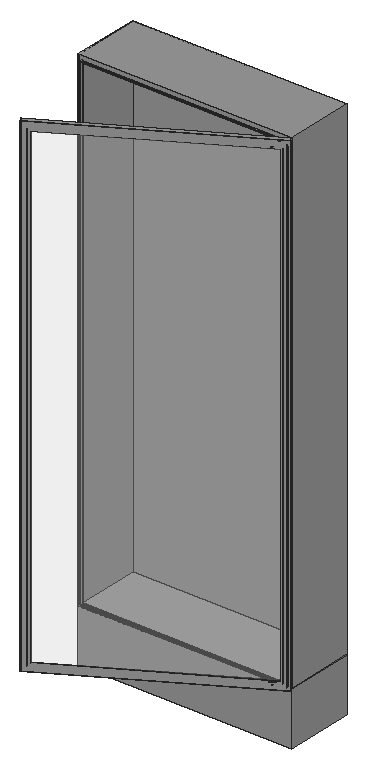
Revit family "Hager-Univers-IP55-D275-H2050-Cl.I-Steel_encl-NoHosted-CH-it", category Electrical Equipment, Revit 2020
Family settings
  Panel Configuration = Two Columns, Circuits Across
  Round Connector Dimension = Use Diameter
  Part Type = Panelboard
  Work Plane-Based = Yes
  Always vertical = Yes
  Cut with Voids When Loaded = No
  Shared = No
  Room Calculation Point = No
Parameters (values of type "montaggio a pavimento IP55 L800 A2050 P275  - FR23K2")
  Width Control [instance] = if([EF000008 - Larghezza] > Min Width, [EF000008 - Larghezza], Min Width)  # 800 mm
  Type Comments = [HG000003 - Gamma]  # "Univers"
  Thickness Door [instance] = if([EF009171 - spessore materiale porta/coperchio] > 3 mm, 3 mm, [EF009171 - spessore materiale porta/coperchio])  # 1.5 mm
  Seal Frame Offset [instance] = 17 mm  # constant formula
  Plinth Visibility [instance] = [HG000027 - Altezza dello zoccolo] > 0 mm  # yes
  Min Width [instance] = 100 mm  # constant formula
  Min Depth [instance] = (2 * [EF009170 - spessore materiale scatola]) + 1 mm  # 4 mm
  Min Height [instance] = 100 mm  # constant formula
  Internal Frame Depth [instance] = (Door System Depth * 0.5)  # 9 mm
  Panel Name [instance] = ""  # (empty or 0)
  Model = ""
  HG000027 - Altezza dello zoccolo = 200 mm
  HG000026 - A pavimento = yes
  HG000024 - Altezza della sezione inferiore = 600 mm
  HG000023 - Custodia a doppia sezione = no
  HG000016 - Visibilità delle porte nella vista 3D [instance] = yes
  HG000015 - Visibilità attraverso la porta [instance] = no
  HG000014 - Porta destra [instance] = yes
  HG000013 - Porta sinistra [instance] = not([HG000014 - Porta destra])  # no
  HG000012 - Angolo di apertura della porta [instance] = 30.00°
  HG000010 - Porte asimmetriche = no
  HG000009 - Porta doppia a battente = no
  HG000006 - Ad incasso = no
  HG000004 - Codice produttore = "FR23K2"
  HG000003 - Gamma = "Univers"
  HG000002 - Con porta = yes
  Frame Offset Bottom [instance] = 10 mm  # constant formula
  Frame Offset [instance] = 15 mm  # constant formula
  EF015940 - Coprire con rilascio di sovrapressione = no
  EF011959 - tipo di protezione (NEMA) = ""
  EF009554 - numero delle aperture per la piastra della flangia = 6
  EF009212 - esecuzione coperchio = "EV000116 - chiuso"
  EF009171 - spessore materiale porta/coperchio = 1.5 mm
  EF009170 - spessore materiale scatola = 1.5 mm
  EF008873 - corrente nominale (In) = 800 A
  EF007800 - adatto per parafulmine = no
  EF006306 - con serratura = no
  EF006244 - coperchio/porta trasparente = yes
  EF005474 - grado di protezione (IP) = "EV006420 - IP55"
  EF004464 - tipo di porta = "EV002646 - singolo"
  EF004427 - numero di moduli = 432
  EF004293 - resistenza agli urti = "EV008784 - IK10"
  EF003532 - adatto per uso esterno = no
  EF002950 - Numero moduli DIN = 24
  EF001613 - Integrità del circuito = "EV000494 - senza"
  EF001596 - Attacco Lampada = "EV000179 - acciaio"
  EF001131 - profondità interna = 275 mm
  EF001088 - possibilità di applicazione = yes
  EF000437 - numero di ingressi per conduttori = 6
  EF000339 - tipo di copertura = "EV004216 - porta"
  EF000266 - numero di file = 12
  EF000218 - profondità di incasso = 0 mm
  EF000118 - con piastra di montaggio = no
  EF000116 - numero RAL = "7035"
  EF000049 - profondità = 275 mm
  EF000040 - Altezza = 2050 mm
  EF000008 - Larghezza = 800 mm
  EF000007 - colore = "EV000270 - grigio"
  EF000003 - Tipo di montaggio = "EV012274 - montaggio a pavimento"
  Door System Leaf Tolerance [instance] = 1.5 mm  # constant formula
  Door System Depth [instance] = 18 mm  # constant formula
  Door Height [instance] = Height Control - [HG000027 - Altezza dello zoccolo]  # 1850 mm
  Description = ""
  Default Elevation = 1219.2 mm
  Connector Offset [instance] = Height Control / 2  # 1025 mm
  Manufacturer = "Hager"  # constant formula
  Height Control [instance] = if([EF000040 - Altezza] > Min Height, [EF000040 - Altezza], Min Height)  # 2050 mm
  Depth Control [instance] = if([EF000049 - profondità] > Min Depth, [EF000049 - profondità], Min Depth)  # 275 mm
  Bottom Top Plate Trim [instance] = 1.5 mm  # constant formula
  Plinth height Ctrl [instance] = if([HG000027 - Altezza dello zoccolo] > 0 mm, [HG000027 - Altezza dello zoccolo], 12 mm)  # 200 mm
Types (11, lengths in mm): name | Width Control | HG000010 - Porte asimmetriche | HG000009 - Porta doppia a battente | HG000004 - Codice produttore | EF009554 - numero delle aperture per la piastra della flangia | EF006244 - coperchio/porta trasparente | EF004464 - tipo di porta | EF004427 - numero di moduli | EF000437 - numero di ingressi per conduttori | EF000008 - Larghezza
  montaggio a pavimento IP55 L1050 A2050 P275  - FR24E2 | 1050 | yes | yes | "FR24E2" | 8 | no | "EV003602 - doppio" | 576 | 8 | 1050
  montaggio a pavimento IP55 L1050 A2050 P275  - FR24K2 | 1050 | yes | yes | "FR24K2" | 8 | yes | "EV003602 - doppio" | 576 | 8 | 1050
  montaggio a pavimento IP55 L1300 A2050 P275  - FR25E2 | 1300 | yes | yes | "FR25E2" | 10 | no | "EV003602 - doppio" | 720 | 10 | 1300
  montaggio a pavimento IP55 L1300 A2050 P275  - FR25K2 | 1300 | yes | yes | "FR25K2" | 10 | yes | "EV003602 - doppio" | 720 | 10 | 1300
  montaggio a pavimento IP55 L1550 A2050 P275  - FR26E2 | 1550 | yes | yes | "FR26E2" | 12 | no | "EV003602 - doppio" | 864 | 12 | 1550
  montaggio a pavimento IP55 L1550 A2050 P275  - FR26K2 | 1550 | yes | yes | "FR26K2" | 12 | yes | "EV003602 - doppio" | 864 | 12 | 1550
  montaggio a pavimento IP55 L300 A2050 P275  - FR21E2 | 300 | no | no | "FR21E2" | 2 | no | "EV002646 - singolo" | 144 | 2 | 300
  montaggio a pavimento IP55 L550 A2050 P275  - FR22E2 | 550 | no | no | "FR22E2" | 4 | no | "EV002646 - singolo" | 288 | 4 | 550
  montaggio a pavimento IP55 L550 A2050 P275  - FR22K2 | 550 | no | no | "FR22K2" | 4 | yes | "EV002646 - singolo" | 288 | 4 | 550
  montaggio a pavimento IP55 L800 A2050 P275  - FR23E2 | 800 | no | no | "FR23E2" | 6 | no | "EV002646 - singolo" | 432 | 6 | 800
  montaggio a pavimento IP55 L800 A2050 P275  - FR23K2 | 800 | no | no | "FR23K2" | 6 | yes | "EV002646 - singolo" | 432 | 6 | 800
Reference planes
  plane 1 "Center (Front/Back)": y = 0
  plane 2: z = 0
  plane 3 "Center (Left/Right)": x = 0
  plane 4: y = 0
  plane 5: y = 0
  plane 6: z = 0
  plane 7: x = -400
  plane 8: x = 400
  plane 9: x = 398.5
  plane 10: x = -398.5
  plane 11: z = 200
  plane 12: z = 201.5
  plane 13: y = -275
  plane 14: y = -1.5
  plane 15: x = 0
  plane 16: y = -257
  plane 17: y = -273.5
  plane 18: y = -255.5
  plane 19: x = -383.5
  plane 20: x = 383.5
  plane 21: z = 211.5
  plane 22: x = -383
  plane 23: x = 383
  plane 24: z = 200
  plane 25: z = 2050
  plane 26: z = 2050
  plane 27: z = 2033.5
  plane 28: z = 2048.5
Forms (mm)
  Extrusion 1, solid, material "Hager_Steel_RAL7035_Light_Grey", detail levels medium+fine
    sketch origin (-208.679, -4572, 200) x (-1, 0, 0) y (0, -1, 0)
      loop
        line (191.321, -4315) -> (-608.679, -4315) -> (-608.679, -4572) -> (191.321, -4572) -> (191.321, -4315)
    from 0 to 1850
  Extrusion 2, void
    sketch origin (-350.771, -275, 1219.2) x (1, 0, 0) y (0, 0, 1)
      loop
        line (-47.729, 829.3) -> (-47.729, -1017.7) -> (749.271, -1017.7) -> (749.271, 829.3) -> (-47.729, 829.3)
    from -19.5 to -273.5
  Extrusion 3, void
    sketch origin (-290.084, -257, 1219.2) x (1, 0, 0) y (0, 0, 1)
      loop
        line (-93.416, -1007.7) -> (673.584, -1007.7) -> (673.584, 814.3) -> (-93.416, 814.3) -> (-93.416, -1007.7)
    from 0 to -1.5
  Extrusion 4, solid, material "Hager_Steel_RAL7035_Light_Grey", visible <- "Plinth Visibility", detail levels medium+fine
    sketch origin (0, 0, 0) x (1, 0, 0) y (0, 1, 0)
      loop
        line (-400, 0) -> (-400, -257) -> (400, -257) -> (400, 0) -> (-400, 0)
    from 0 to 200 <- "Plinth height Ctrl"
  Extrusion 5, solid, material "Hager_Steel_RAL7035_Light_Grey", detail levels coarse
    sketch origin (0, 0, 0) x (1, 0, 0) y (0, 1, 0)
      loop
        line (-400, 0) -> (-400, -275) -> (400, -275) -> (400, 0) -> (-400, 0)
    from 0 to 2050 <- "Height Control"
  Sweep 6, void
    path in 3D
      loop
        line (-400, -257, 200) -> (400, -257, 200) -> (400, 0, 200) -> (-400, 0, 200) -> (-400, -257, 200)
    profile origin (-400, -128.5, 200) x (1, 0, 0) y (0, 0, 1)
      loop
        line (0, 0) -> (0, -1.5) -> (1.5, -1.5)
        arc (1.5, -1.5) -> (1.061, -0.439) -> (0, 0) r 1.5
  Extrusion 7, solid, material "Hager_Steel_RAL7035_Light_Grey", detail levels fine
    sketch origin (-400, -257, 200) x (1, 0, 0) y (0, 0, 1)
      loop
        line (16.5, 11.5) -> (783.5, 11.5) -> (783.5, 1833.5) -> (16.5, 1833.5) -> (16.5, 11.5)
      loop
        line (15, 10) -> (785, 10) -> (785, 1835) -> (15, 1835) -> (15, 10)
    from 0 to 9 <- "Internal Frame Depth"
Cuts and joins
  Extrusion 2, Extrusion 3 cuts Extrusion 1
  Sweep 6 cuts Extrusion 4
Lines and regions (mm)
  Masking region 1
    outline origin (0, 0, 0) x (1, 0, 0) y (0, 1, 0)
      loop
        line (-400, 0) -> (-400, -275) -> (400, -275) -> (400, 0) -> (-400, 0)
  Masking region 2, detail levels coarse
    outline origin (-290.084, -257, 1219.2) x (-1, 0, 0) y (0, 0, 1)
      loop
        line (-690.084, -1219.2) -> (109.916, -1219.2) -> (109.916, 830.8) -> (-690.084, 830.8) -> (-690.084, -1219.2)
  Masking region 3, detail levels coarse
    outline origin (0, 0, 0) x (0, 1, 0) y (0, 0, 1)
      loop
        line (0, 0) -> (0, 2050) -> (-275, 2050) -> (-275, 0) -> (0, 0)
  Masking region 4, visible <- "Plinth Visibility", detail levels medium+fine
    outline origin (0, 0, 0) x (0, 1, 0) y (0, 0, 1)
      loop
        line (-1.5, 200) -> (-255.5, 200)
        arc (-255.5, 200) -> (-255.939, 198.939) -> (-257, 198.5) r 1.5
        line (-257, 198.5) -> (-257, 0) -> (0, 0) -> (0, 198.5)
        arc (0, 198.5) -> (-1.061, 198.939) -> (-1.5, 200) r 1.5
  Masking region 5, detail levels medium+fine
    outline origin (0, 0, 594.038) x (0, 1, 0) y (0, 0, 1)
      loop
        line (0, -394.038) -> (0, 1455.962) -> (-257, 1455.962) -> (-257, -394.038) -> (0, -394.038)
  Masking region 6, detail levels medium+fine
    outline origin (-359.7, -257, 1211.883) x (-1, 0, 0) y (0, 0, 1)
      loop
        line (-759.7, -1011.883) -> (40.3, -1011.883) -> (40.3, 838.117) -> (-759.7, 838.117) -> (-759.7, -1011.883)
  Masking region 7, visible <- "Plinth Visibility", detail levels medium+fine
    outline origin (-320.334, -257, 1041.368) x (-1, 0, 0) y (0, 0, 1)
      loop
        line (-720.334, -1041.368) -> (79.666, -1041.368) -> (79.666, -842.868)
        arc (79.666, -842.868) -> (78.606, -842.429) -> (78.166, -841.368) r 1.5
        line (78.166, -841.368) -> (-718.834, -841.368)
        arc (-718.834, -841.368) -> (-719.273, -842.429) -> (-720.334, -842.868) r 1.5
        line (-720.334, -842.868) -> (-720.334, -1041.368)
  sketch lines
    curve 1: line (-400, 0, 200) -> (-400, -257, 200)
    curve 2: line (-400, -257, 200) -> (400, -257, 200)
    curve 3: line (400, 0, 200) -> (-400, 0, 200)
    curve 4: line (400, -257, 200) -> (400, 0, 200)
Dimensions and locks
  locked: plane 1 "Center (Front/Back)" to plane 5
  "EF009170 - spessore materiale scatola": plane 7 to plane 10
  "EF009170 - spessore materiale scatola": plane 8 to plane 9
  equal spacing: plane 7, plane 3 "Center (Left/Right)", plane 8
  "Width Control": plane 7 to plane 8
  "Depth Control": plane 4 to plane 13
  "EF009170 - spessore materiale scatola": plane 4 to plane 14
  "Height Control": plane 25 to level
  "HG000027 - Altezza dello zoccolo": plane 11 to level
  "EF009170 - spessore materiale scatola": plane 12 to plane 11
  "EF009170 - spessore materiale scatola": plane 17 to plane 13
  "EF009170 - spessore materiale scatola": plane 18 to plane 16
  "Frame Offset Bottom": plane 21 to plane 12
  "Frame Offset": plane 10 to plane 19
  "Frame Offset": plane 9 to plane 20
  "Door System Depth": plane 16 to plane 13
  "Seal Frame Offset": plane 7 to plane 22
  "Seal Frame Offset": plane 8 to plane 23
  "EF009170 - spessore materiale scatola": plane 26 to plane 28
  "Frame Offset": plane 28 to plane 27
  "Connector Offset": plane 2 to connector elem
  "Bottom Top Plate Trim": profile plane to Sweep 6 sketch curve
  "Bottom Top Plate Trim": Sweep 6 sketch curve to Sweep 6 sketch curve
  "Plinth height Ctrl": Masking region 4 sketch curve to level
  "Plinth height Ctrl": Masking region 7 sketch curve to level
  "Thickness Door": Extrusion 7 sketch curve to Extrusion 7 sketch curve  (x4)
  "Bottom Top Plate Trim": radius of Sweep 6 sketch curve
  "Bottom Top Plate Trim": radius of Masking region 4 sketch curve  (x2)
  "Bottom Top Plate Trim": radius of Masking region 7 sketch curve  (x2)
  aligned and locked: Extrusion 2 sketch curve to plane 12
  aligned and locked: Extrusion 2 sketch curve to plane 9
  aligned and locked: Extrusion 2 sketch curve to plane 10
  aligned and locked: Extrusion 2 to plane 14
  aligned and locked: Extrusion 1 sketch curve to plane 4
  aligned and locked: plane 8 to Extrusion 1 sketch curve
  aligned and locked: plane 7 to Extrusion 1 sketch curve
  aligned and locked: Extrusion 2 to plane 18
  aligned and locked: Extrusion 3 sketch curve to plane 19
  aligned and locked: plane 20 to Extrusion 3 sketch curve
  aligned and locked: Extrusion 3 to Extrusion 2
  aligned and locked: Extrusion 3 sketch curve to plane 21
  aligned and locked: plane 3 "Center (Left/Right)" to nested 1
  aligned and locked: Extrusion 1 sketch curve to plane 16
  aligned and locked: Extrusion 4 sketch curve to cut or joined group of Extrusion 1, Extrusion 2, Extrusion 3
  aligned and locked: Masking region 1 sketch curve to plane 7
  aligned and locked: Masking region 1 sketch curve to plane 5
  aligned and locked: Masking region 1 sketch curve to plane 8
  aligned and locked: Masking region 2 sketch curve to level
  aligned and locked: level to Masking region 3 sketch curve
  aligned and locked: plane 1 "Center (Front/Back)" to Masking region 3 sketch curve
  aligned and locked: plane 13 to Masking region 3 sketch curve
  aligned and locked: plane 5 to Masking region 4 sketch curve
  aligned and locked: Masking region 2 sketch curve to plane 8
  aligned and locked: Masking region 2 sketch curve to plane 7
  aligned and locked: plane 7 to nested 2
  aligned and locked: nested 2 to plane 5
  aligned and locked: plane 5 to Masking region 5 sketch curve
  aligned and locked: plane 26 to Masking region 5 sketch curve
  aligned and locked: Extrusion 5 sketch curve to plane 8
  aligned and locked: Extrusion 5 sketch curve to plane 7
  aligned and locked: Extrusion 5 sketch curve to plane 5
  aligned and locked: Extrusion 3 sketch curve to plane 27
  aligned and locked: Extrusion 2 sketch curve to plane 28
  aligned and locked: Masking region 2 to plane 25
  aligned and locked: Extrusion 4 to plane 16
  aligned and locked: profile plane to Sweep 6 sketch curve
  aligned and locked: Masking region 5 sketch curve to plane 24
  aligned and locked: level to Masking region 4 sketch curve
  aligned and locked: Masking region 1 to plane 13
  aligned and locked: nested 1 to plane 16
  aligned and locked: Masking region 3 to plane 25
  aligned and locked: plane 16 to Masking region 4 sketch curve
  aligned and locked: Masking region 5 sketch curve to plane 16
  aligned and locked: plane 24 to plane 11
  aligned and locked: plane 26 to plane 25
  aligned and locked: plane 26 to cut or joined group of Extrusion 1, Extrusion 2, Extrusion 3
  aligned and locked: nested 1 to plane 24
  aligned and locked: Extrusion 1 to Extrusion 3
  aligned and locked: Masking region 6 sketch curve to plane 8
  aligned and locked: Masking region 6 sketch curve to plane 24
  aligned and locked: Masking region 6 sketch curve to plane 7
  aligned and locked: Masking region 6 sketch curve to plane 26
  aligned and locked: Masking region 7 sketch curve to plane 7
  aligned and locked: level to Masking region 7 sketch curve
  aligned and locked: Masking region 7 sketch curve to plane 8
  aligned and locked: Extrusion 7 sketch curve to cut or joined group of Extrusion 1, Extrusion 2, Extrusion 3  (x4)
Automatic sketch dimensions
  plane 19 to Extrusion 3 sketch curve = 0 mm
  Extrusion 3 sketch curve to plane 20 = 0 mm
  Extrusion 3 sketch curve to plane 21 = 0 mm
  Extrusion 4 sketch curve to plane 7 = 0 mm
  Extrusion 4 sketch curve to plane 8 = 0 mm
  Extrusion 4 sketch curve to plane 16 = 0 mm
  Masking region 1 sketch curve to plane 13 = 0 mm
  Masking region 2 sketch curve to plane 25 = 0 mm
  Masking region 3 sketch curve to plane 25 = 0 mm
  Extrusion 5 sketch curve to plane 13 = 0 mm
  profile plane to Sweep 6 sketch curve = 0 mm
Nested families
  nested 1: "EC000058_Univers_Door" at (0, -257, 200), Double <- "HG000009 - Porta doppia a battente", Transparent <- "EF006244 - coperchio/porta trasparente", Angle <- "HG000012 - Angolo di apertura della porta", Door_Right <- "HG000014 - Porta destra", Assymetrical <- "HG000010 - Porte asimmetriche", Door <- "HG000002 - Con porta", Width_Ctrl <- "Width Control", 3d_Door <- "HG000016 - Visibilità delle porte nella vista 3D", Clearance <- "HG000015 - Visibilità attraverso la porta", Door_Left <- "HG000013 - Porta sinistra", Width <- "Width Control", Door_Depth <- "Door System Depth", Leaf_Tolerance <- "Door System Leaf Tolerance", Height <- "Door Height", Lock_Visibility <- "EF006306 - con serratura", Thickness <- "Thickness Door", type "EC000058_Univers_Door", detail levels medium+fine
    with min_wh 4 mm, Width_Ctrl 800 mm, Width 800 mm, Transparent yes, Thickness 1.5 mm, Seal_Material Hager_Rubber, Lock_Visibility no, Lock_Material Hager_Plastic_RAL9005_Jet_Black, Leaf_Width 800 mm, Leaf_Tolerance_External_Sides 0 mm, Leaf_Tolerance 1.5 mm, Leaf_Offset 0 mm, Leaf_Height 1847 mm, Leaf_2_Width 800 mm, Leaf_2_Offset 400 mm, Leaf_1_Width 800 mm, Leaf_1_Offset 400 mm, Height_Ctrl 1850 mm, Height 1850 mm, Glass_Material Hager_Glass, Double_Clearance_Ctrl no, Double no, Door_Right_Ctrl yes, Door_Right yes, Door_Material Hager_Steel_RAL7035_Light_Grey, Door_Left_Ctrl no, Door_Left no, Door_Depth 18 mm, Door yes, Clearance_Material Hager_Clearance, Clearance_Depth 800 mm, Clearance_Ctrl no, Clearance no, Assymetrical no, Angle 30.00°, 3d_Door yes
  nested 2: "Hager_Enclosure_Symbol" at (-400, 0, 0), Height <- "Depth Control", Width <- "Width Control", type "Hager_Enclosure_Symbol"
    with Width_Ctrl 800 mm, Width 800 mm, Height_Ctrl 275 mm, Height 275 mm, A_Width_Int 18.047 mm, A_Width 216.562 mm, A_Height_Ctrl 240.625 mm, A_Height 240.625 mm
Connectors
  electrical at (0, 0, 1025)
    settings: on plane 1 "Center (Front/Back)", index 1, voltage 0 V, apparent load 0 VA, apparent load phase1 0 VA, apparent load phase2 0 VA, apparent load phase3 0 VA, power factor 1, load classification "Other", number of poles 1, system type 30, power factor state 1, is connector primary yes, connector utility no, sub classification motor no, connector description ""
Definition of nested family "EC000058_Univers_Door"
  Parameters (values of type "EC000058_Univers_Door")
    min_wh [instance] = (2 * Thickness) + 1 mm  # 11 mm
    Width_Ctrl [instance] = 400 mm
    Width [instance] = 500 mm
    Transparent [instance] = yes
    Thickness [instance] = 5 mm
    Seal_Material [instance] = none
    Lock_Visibility [instance] = yes
    Lock_Material [instance] = none
    Leaf_Width [instance] = if((Width_Ctrl - 2 * Leaf_Tolerance_External_Sides) > 0 mm, (Width_Ctrl - 2 * Leaf_Tolerance_External_Sides), min_wh)  # 400 mm
    Leaf_Tolerance_External_Sides [instance] = 0 mm  # constant formula
    Leaf_Tolerance [instance] = 1.5 mm
    Leaf_Offset [instance] = 0 mm  # constant formula
    Leaf_Height [instance] = if((Height_Ctrl - 2 * Leaf_Tolerance) > 0 mm, (Height_Ctrl - 2 * Leaf_Tolerance), min_wh)  # 497 mm
    Leaf_2_Width [instance] = if(and(and(Double, Assymetrical), Door_Left), (Leaf_Width / 3) - (Leaf_Tolerance / 2), if(and(and(Double, Assymetrical), Door_Right), (Leaf_Width / 3) * 2 - (Leaf_Tolerance / 2), if(and(Double, not(Assymetrical)), (Leaf_Width / 2) - Leaf_Tolerance, Leaf_Width)))  # 400 mm
    Leaf_2_Offset [instance] = if(and(Double, Assymetrical), Leaf_2_Width / 2, if(and(Double, not(Assymetrical)), Leaf_Width / 4, Leaf_Width / 2))  # 200 mm
    Leaf_1_Width [instance] = if(and(and(Double, Assymetrical), Door_Right), (Leaf_Width / 3) - (Leaf_Tolerance / 2), if(and(and(Double, Assymetrical), Door_Left), (Width / 3) * 2 - (Leaf_Tolerance / 2), if(and(Double, not(Assymetrical)), (Leaf_Width / 2) - Leaf_Tolerance, Leaf_Width)))  # 400 mm
    Leaf_1_Offset [instance] = if(and(Double, Assymetrical), Leaf_1_Width / 2, if(and(Double, not(Assymetrical)), Leaf_Width / 4, Leaf_Width / 2))  # 200 mm
    Height_Ctrl [instance] = if(Height > min_wh, Height, min_wh)  # 500 mm
    Height [instance] = 500 mm
    Glass_Material [instance] = none
    Double_Clearance_Ctrl [instance] = and(Double, Clearance)  # no
    Double [instance] = no
    Door_Right_Ctrl [instance] = and(or(Door_Right, Double), Door)  # yes
    Door_Right [instance] = yes
    Door_Material [instance] = none
    Door_Left_Ctrl [instance] = and(or(Door_Left, Double), Door)  # no
    Door_Left [instance] = no
    Door_Depth [instance] = 30 mm
    Door [instance] = yes
    Default Elevation = 1219.2 mm
    Clearance_Material [instance] = none
    Clearance_Depth [instance] = if(Leaf_1_Width > Leaf_2_Width, Leaf_1_Width, Leaf_2_Width)  # 400 mm
    Clearance_Ctrl [instance] = and(not(Double), Clearance)  # yes
    Clearance [instance] = yes
    Assymetrical [instance] = yes
    Angle [instance] = 30.00°
    3d_Door [instance] = yes
  Reference planes
    plane 1 "Center (Front/Back)": y = 0
    plane 2 "Bottom": z = 0
    plane 3 "Center (Left/Right)": x = 0
    plane 4: z = 500
    plane 5: x = -200
    plane 6: x = 200
    plane 7: z = 500
    plane 8: x = -200
    plane 9: z = 0
    plane 10: x = 200
    plane 11: y = 0
    plane 12: z = 1.5
    plane 13: x = -600
    plane 14: y = -400
    plane 15: x = 600
    plane 16: x = 0
    plane 17: x = 0
    plane 18: x = -200
    plane 19: x = 200
    plane 20: z = 498.5
  Forms (mm)
    Extrusion 1, solid, material <- "Clearance_Material", visible <- "Double_Clearance_Ctrl"
      sketch origin (1200, 0, 0) x (1, 0, 0) y (0, 0, -1)
        loop
          line (-1800, -498.5) -> (-600, -498.5) -> (-600, 0) -> (-1800, 0) -> (-1800, -498.5)
      from 0 to -400
  Dimensions and locks
    equal spacing: plane 5, plane 3 "Center (Left/Right)", plane 6
    "Width_Ctrl": plane 5 to plane 6
    "Leaf_Offset": plane 5 to plane 8
    "Leaf_Offset": plane 6 to plane 10
    "Leaf_Offset": plane 9 to level
    "Leaf_Offset": plane 4 to plane 7
    "Height_Ctrl": plane 4 to level
    "Leaf_Tolerance": plane 12 to plane 9
    locked: plane 11 to plane 1 "Center (Front/Back)"
    "Leaf_1_Offset": plane 18 to plane 16
    "Leaf_2_Offset": plane 17 to plane 19
    "Leaf_1_Width": plane 13 to plane 8
    "Leaf_2_Width": plane 10 to plane 15
    "Clearance_Depth": plane 14 to plane 1 "Center (Front/Back)"
    "Leaf_Tolerance_External_Sides": plane 8 to plane 18
    "Leaf_Tolerance_External_Sides": plane 19 to plane 10
    "Leaf_Tolerance": plane 7 to plane 20
    aligned and locked: level to plane 2 "Bottom"
    aligned and locked: nested 1 to plane 16
    aligned and locked: nested 2 to plane 17
    aligned and locked: Extrusion 1 to plane 13
    aligned and locked: plane 15 to Extrusion 1
    aligned and locked: Extrusion 1 to plane 14
    aligned and locked: plane 12 to nested 1
    aligned and locked: nested 2 to plane 12
    aligned and locked: Extrusion 1 to plane 11
    aligned and locked: plane 20 to Extrusion 1
    aligned and locked: nested 2 to plane 11
    aligned and locked: nested 1 to plane 11
  Automatic sketch dimensions
    Extrusion 1 sketch curve to level = 0 mm
    plane 5 to Extrusion 1 sketch curve = 400 mm
    plane 6 to Extrusion 1 sketch curve = 400 mm
    Extrusion 1 sketch curve to plane 4 = 1.5 mm
  Nested families
    nested 1: "EC000058_Univers_Door_Leaf" at (0, 0, 1.5), Width <- "Leaf_1_Width", visible <- "Door_Left_Ctrl", Leaf_Height <- "Leaf_Height", Angle <- "Angle", 3d_Door <- "3d_Door", Transparent <- "Transparent", Clearance Material <- "Clearance_Material", Clearance <- "Clearance_Ctrl", Door_Material <- "Door_Material", Glass_Material <- "Glass_Material", Door_Depth <- "Door_Depth", Lock_Material <- "Lock_Material", Seal_Material <- "Seal_Material", Lock_Visibility <- "Lock_Visibility", Thickness <- "Thickness", type "EC000058_Univers_Door_Leaf"
      with Width 400 mm, Transparent_Glass_Offset 30 mm, Transparent_Ctrl yes, Transparent yes, Thickness 5 mm, Standard no, Seal_Material none, Seal_D2 8 mm, Seal_D1 1 mm, Offset_Internal_Frame 10 mm, Lock_Width 20 mm, Lock_Visibility_3d yes, Lock_Visibility yes, Lock_Thickness_3 3 mm, Lock_Thickness_2 1 mm, Lock_Thickness_1 3 mm, Lock_Radius_Offset_2 16 mm, Lock_Radius_Offset_1 15 mm, Lock_Radius_2 5 mm, Lock_Radius 6 mm, Lock_Offset 5 mm, Lock_Material none, Lock_Height 80 mm, Lock_Cover_Top_Offset_2d 17 mm, Lock_Cover_Height -65 mm, Leaf_Height 497 mm, Internal_Seal_Thickness 8 mm, Internal_Seal_Depth_2 4.5 mm, Internal_Frame_Depth 25 mm, Glass_Thickness -1 mm, Glass_Offset -2 mm, Glass_Material none, Door_Material none, Door_Depth 30 mm, Clearance Material none, Clearance yes, Angle_Ctrl 30.00°, Angle 30.00°, 3d_Door yes
    nested 2: "EC000058_Univers_Door_Leaf" at (0, 0, 1.5) x (-1, 0, 0) z (0, 0, 1), Width <- "Leaf_2_Width", visible <- "Door_Right_Ctrl", Leaf_Height <- "Leaf_Height", Angle <- "Angle", 3d_Door <- "3d_Door", Transparent <- "Transparent", Clearance Material <- "Clearance_Material", Clearance <- "Clearance_Ctrl", Door_Material <- "Door_Material", Glass_Material <- "Glass_Material", Door_Depth <- "Door_Depth", Lock_Material <- "Lock_Material", Seal_Material <- "Seal_Material", Lock_Visibility <- "Lock_Visibility", Thickness <- "Thickness", type "EC000058_Univers_Door_Leaf"
      with Width 400 mm, Transparent_Glass_Offset 30 mm, Transparent_Ctrl yes, Transparent yes, Thickness 5 mm, Standard no, Seal_Material none, Seal_D2 8 mm, Seal_D1 1 mm, Offset_Internal_Frame 10 mm, Lock_Width 20 mm, Lock_Visibility_3d yes, Lock_Visibility yes, Lock_Thickness_3 3 mm, Lock_Thickness_2 1 mm, Lock_Thickness_1 3 mm, Lock_Radius_Offset_2 16 mm, Lock_Radius_Offset_1 15 mm, Lock_Radius_2 5 mm, Lock_Radius 6 mm, Lock_Offset 5 mm, Lock_Material none, Lock_Height 80 mm, Lock_Cover_Top_Offset_2d 17 mm, Lock_Cover_Height -65 mm, Leaf_Height 497 mm, Internal_Seal_Thickness 8 mm, Internal_Seal_Depth_2 4.5 mm, Internal_Frame_Depth 25 mm, Glass_Thickness -1 mm, Glass_Offset -2 mm, Glass_Material none, Door_Material none, Door_Depth 30 mm, Clearance Material none, Clearance yes, Angle_Ctrl 30.00°, Angle 30.00°, 3d_Door yes
  Definition of nested family "EC000058_Univers_Door_Leaf"
    Parameters (values of type "EC000058_Univers_Door_Leaf")
      Width [instance] = 2000 mm
      Transparent_Glass_Offset [instance] = 30 mm
      Transparent_Ctrl [instance] = and(Transparent, [3d_Door])  # yes
      Transparent [instance] = yes
      Thickness [instance] = 5 mm
      Standard [instance] = and(not(Transparent), [3d_Door])  # no
      Seal_Material [instance] = none
      Seal_D2 [instance] = 8 mm  # constant formula
      Seal_D1 [instance] = 1 mm  # constant formula
      Offset_Internal_Frame [instance] = 10 mm  # constant formula
      Lock_Width [instance] = 20 mm  # constant formula
      Lock_Visibility_3d [instance] = and(Lock_Visibility, [3d_Door])  # yes
      Lock_Visibility [instance] = yes
      Lock_Thickness_3 [instance] = 3 mm  # constant formula
      Lock_Thickness_2 [instance] = 1 mm  # constant formula
      Lock_Thickness_1 [instance] = 3 mm  # constant formula
      Lock_Radius_Offset_2 [instance] = Lock_Radius_Offset_1 + 1 mm  # 16 mm
      Lock_Radius_Offset_1 [instance] = 15 mm  # constant formula
      Lock_Radius_2 [instance] = Lock_Radius - 1 mm  # 5 mm
      Lock_Radius [instance] = 6 mm  # constant formula
      Lock_Offset [instance] = 5 mm  # constant formula
      Lock_Material [instance] = none
      Lock_Height [instance] = 80 mm  # constant formula
      Lock_Cover_Top_Offset_2d [instance] = Lock_Radius_Offset_2 + 1 mm  # 17 mm
      Lock_Cover_Height [instance] = -(Lock_Height - Lock_Radius_Offset_1)  # -65 mm
      Leaf_Height [instance] = 2720.336 mm
      Internal_Seal_Thickness [instance] = 8 mm  # constant formula
      Internal_Seal_Depth_2 [instance] = 4.5 mm  # constant formula
      Internal_Frame_Depth [instance] = if(Door_Depth - Thickness > 5 mm, Door_Depth - Thickness, 5 mm)  # 25 mm
      Glass_Thickness [instance] = if(Thickness > 15 mm, Glass_Offset + 10 mm, -1 mm)  # -1 mm
      Glass_Offset [instance] = if(Thickness > 15 mm, -(Thickness + 10 mm) / 2, -2 mm)  # -2 mm
      Glass_Material [instance] = none
      Door_Material [instance] = none
      Door_Depth [instance] = 30 mm
      Default Elevation = 0 mm
      Clearance Material [instance] = none
      Clearance [instance] = yes
      Angle_Ctrl [instance] = if(Angle > 180.00°, 180.00°, Angle)  # 90.00°
      Angle [instance] = 90.00°
      3d_Door [instance] = yes
    Reference planes
      plane 1 "Center (Front/Back)": y = 0
      plane 2: z = 0
      plane 3 "Center (Left/Right)": x = 0
      plane 4: y = 2000
      plane 5: x = -1000
      plane 6: x = 1000
      plane 7: x = -3000
      plane 8: z = 2720.336
      plane 9: z = 30
      plane 10: z = 2690.336
      plane 11: x = 970
      plane 12: x = -970
      plane 13: y = -3
      plane 14: z = 107.833
      plane 15: y = -5
      plane 16: y = -223.314
      plane 17: x = -1000
      plane 18: z = 1360.168
      plane 19: y = 30
    Forms (mm)
      Extrusion 1, solid, material <- "Clearance Material", visible <- "Clearance"
        sketch origin (0, 0, 0) x (1, 0, 0) y (0, 0, 1)
          loop
            line (-3000, 2720.336) -> (-3000, 0) -> (1000, 0) -> (1000, 2720.336) -> (-3000, 2720.336)
        from 0 to -2000
      Extrusion 2, solid, material <- "Door_Material", visible <- "Standard", detail levels medium+fine
        sketch origin (-1000, 0, 0) x (0, 1, 0) y (-1, 0, 0)
          loop
            line (0, 30) -> (0, 25) -> (2000, 25) -> (2000, 30) -> (0, 30)
        from 0 to 2720.336 <- "Leaf_Height"
      Extrusion 3, solid, material <- "Door_Material", visible <- "Transparent_Ctrl", detail levels medium+fine
        sketch origin (-1000, 0, 0) x (0, 1, 0) y (-1, 0, 0)
          loop
            line (0, 25) -> (2000, 25) -> (2000, 30) -> (0, 30) -> (0, 25)
        from 0 to 2720.336 <- "Leaf_Height"
      Extrusion 4, void
        sketch origin (-1025, 2000, 0) x (0, 1, 0) y (0, 0, -1)
          loop
            line (-30, -2690.336) -> (-30, -30) -> (-1970, -30) -> (-1970, -2690.336) -> (-30, -2690.336)
        from 0 to 5 <- "Thickness"
      Sweep 5, solid, material <- "Seal_Material", visible <- "Transparent_Ctrl", detail levels fine
        path in 3D
          loop
            line (-1025, 30, 30) -> (-1025, 30, 2690.336) -> (-1025, 1970, 2690.336) -> (-1025, 1970, 30) -> (-1025, 30, 30)
        profile origin (-1025, 1000, 30) x (1, 0, 0) y (0, 0, 1)
          loop
            line (0, 0) -> (0, -8) -> (1, -8) -> (1, 0) -> (0, 0)
      Extrusion 6, solid, material <- "Glass_Material", visible <- "Transparent_Ctrl", detail levels medium+fine
        sketch origin (-1030, 0, 0) x (0, 1, 0) y (0, 0, -1)
          loop
            line (1970, -2690.336) -> (1970, -30) -> (30, -30) -> (30, -2690.336) -> (1970, -2690.336)
        from -2 <- "Glass_Offset" to -1 <- "Glass_Thickness"
      Extrusion 7, solid, material <- "Door_Material", visible <- "3d_Door", detail levels medium+fine
        sketch origin (-1025, 2000, 0) x (0, -1, 0) y (0, 0, -1)
          loop
            line (0, -2720.336) -> (2000, -2720.336) -> (2000, 0) -> (0, 0) -> (0, -2720.336)
          loop
            line (1995, -5) -> (5, -5) -> (5, -2715.336) -> (1995, -2715.336) -> (1995, -5)
        from 0 to 25 <- "Internal_Frame_Depth"
      Sweep 8, solid, material <- "Seal_Material", visible <- "Transparent_Ctrl", detail levels fine
        path in 3D
          loop
            line (-1025, 0, 0) -> (-1025, 2000, 0) -> (-1025, 2000, 2720.336) -> (-1025, 0, 2720.336) -> (-1025, 0, 0)
        profile origin (-1025, 0, 1360.168) x (1, 0, 0) y (0, 1, 0)
          loop
            line (0, 10) -> (2.975, 10)
            arc (2.975, 10) -> (4.053, 10.447) -> (4.5, 11.525) r 1.525
            line (4.5, 11.525) -> (4.5, 16.527)
            arc (4.5, 16.527) -> (4.069, 17.569) -> (3.027, 18) r 1.473
            line (3.027, 18) -> (0, 18) -> (0, 10)
      Extrusion 9, solid, material <- "Lock_Material", visible <- "Lock_Visibility_3d", detail levels fine
        sketch origin (-1030, 0, 0) x (0, 1, 0) y (0, 0, -1)
          loop
            arc (1993.5, -1400.168) -> (1994.561, -1399.729) -> (1995, -1398.668) r 1.5
            line (1995, -1398.668) -> (1995, -1320.168) -> (1975, -1320.168) -> (1975, -1398.668)
            arc (1975, -1398.668) -> (1975.439, -1399.729) -> (1976.5, -1400.168) r 1.5
            line (1976.5, -1400.168) -> (1993.5, -1400.168)
        from 3 <- "Lock_Thickness_1" to 0
      Blend 10, solid, material <- "Lock_Material", visible <- "Lock_Visibility_3d", detail levels fine
        base sketch origin (-1033, 0, 0) x (0, 1, 0) y (0, 0, -1)
          loop
            line (1975, -1320.168) -> (1975, -1398.668)
            arc (1975, -1398.668) -> (1975.439, -1399.729) -> (1976.5, -1400.168) r 1.5
            line (1976.5, -1400.168) -> (1993.5, -1400.168)
            arc (1993.5, -1400.168) -> (1994.561, -1399.729) -> (1995, -1398.668) r 1.5
            line (1995, -1398.668) -> (1995, -1320.168) -> (1975, -1320.168)
        top sketch origin (-1033, 0, 0) x (0, 1, 0) y (0, 0, -1)
          loop
            line (1976, -1320.168) -> (1976, -1398.668)
            arc (1976, -1398.668) -> (1976.146, -1399.022) -> (1976.5, -1399.168) r 0.5
            line (1976.5, -1399.168) -> (1993.5, -1399.168)
            arc (1993.5, -1399.168) -> (1993.854, -1399.022) -> (1994, -1398.668) r 0.5
            line (1994, -1398.668) -> (1994, -1320.168) -> (1976, -1320.168)
        from 0 to 1 <- "Lock_Thickness_2"
      Blend 11, solid, material <- "Lock_Material", visible <- "Lock_Visibility_3d", detail levels fine
        base sketch origin (-1034, 0, 0) x (0, 1, 0) y (0, 0, -1)
          loop
            line (1978, -1320.168) -> (1978, -1384.168)
            arc (1978, -1384.168) -> (1985, -1391.168) -> (1992, -1384.168) r 7
            line (1992, -1384.168) -> (1992, -1320.168) -> (1978, -1320.168)
        top sketch origin (-1034, 0, 0) x (0, 1, 0) y (0, 0, -1)
          loop
            line (1991, -1320.168) -> (1979, -1320.168) -> (1979, -1383.168)
            arc (1979, -1383.168) -> (1985, -1389.168) -> (1991, -1383.168) r 6
            line (1991, -1383.168) -> (1991, -1320.168)
        from 0 to 3 <- "Lock_Thickness_3"
      Extrusion 12, solid, material <- "Lock_Material", visible <- "Lock_Visibility_3d", detail levels fine
        sketch origin (-1030, 1975, 1320.168) x (1, 0, 0) y (0, -1, 0)
          loop
            line (-7, -19) -> (-7, -1) -> (0, -1) -> (0, 0) -> (-8, 0) -> (-8, -20) -> (0, -20) -> (0, -19) -> (-7, -19)
        from 0 to -65 <- "Lock_Cover_Height"
      Extrusion 13, void
        sketch origin (-1038, 1995, 1320.168) x (-1, 0, 0) y (0, 0, -1)
          loop
            line (-5, -65) -> (0, -65) -> (-5, -60) -> (-5, -65)
        from 0 to 20 <- "Lock_Width"
      Extrusion 14, void
        sketch origin (-1038, 1975, 1320.168) x (0, -1, 0) y (0, 0, -1)
          loop
            circle (-10, -15.995) r 6
          loop
            circle (-10, -15.995) r 5
        from 0 to 2
      Extrusion 15, solid, material <- "Lock_Material", visible <- "Lock_Visibility_3d", detail levels medium
        sketch origin (-1030, 0, 0) x (0, 1, 0) y (0, 0, -1)
          loop
            arc (1993.5, -1400.168) -> (1994.561, -1399.729) -> (1995, -1398.668) r 1.5
            line (1995, -1398.668) -> (1995, -1320.168) -> (1975, -1320.168) -> (1975, -1398.668)
            arc (1975, -1398.668) -> (1975.439, -1399.729) -> (1976.5, -1400.168) r 1.5
            line (1976.5, -1400.168) -> (1993.5, -1400.168)
        from 8 to 0
    Cuts and joins
      Extrusion 4 cuts Extrusion 3
      Extrusion 13, Extrusion 14 cuts Extrusion 9
      Extrusion 14 cuts Blend 11
      Extrusion 13, Extrusion 14 cuts Extrusion 12
      joined: Extrusion 9, Blend 10, Blend 11, Extrusion 12
      Extrusion 14 cuts Extrusion 15
    Lines and regions (mm)
      Masking region 1, visible <- "Lock_Visibility", detail levels fine
        outline origin (0, 0, 0) x (0, 1, 0) y (0, 0, 1)
          loop
            line (30, 1320.168) -> (33, 1320.168) -> (33, 1400.168) -> (30, 1400.168) -> (30, 1320.168)
      Masking region 2, visible <- "Lock_Visibility", detail levels fine
        outline origin (0, 3.143, 0) x (0, 1, 0) y (0, 0, 1)
          loop
            line (29.857, 1354.168) -> (30.857, 1354.168) -> (30.857, 1366.168) -> (29.857, 1366.168) -> (29.857, 1354.168)
      Masking region 3, detail levels medium+fine
        outline origin (0, 0, 0) x (0, 1, 0) y (0, 0, 1)
          loop
            line (0, 0) -> (30, 0) -> (30, 2720.336) -> (0, 2720.336) -> (0, 0)
      Masking region 4, detail levels medium+fine
        outline origin (0, 0, 0) x (1, 0, 0) y (0, 0, 1)
          loop
            line (-1000, 2720.336) -> (-1000, 0) -> (1000, 0) -> (1000, 2720.336) -> (-1000, 2720.336)
      Masking region 5, visible <- "Lock_Visibility", detail levels fine
        outline origin (-47.116, 0, 0) x (1, 0, 0) y (0, 0, 1)
          loop
            arc (1024.616, 1399.168) -> (1023.556, 1398.729) -> (1023.116, 1397.668) r 1.5
            line (1023.116, 1397.668) -> (1023.116, 1320.168) -> (1041.116, 1320.168) -> (1041.116, 1397.668)
            arc (1041.116, 1397.668) -> (1040.677, 1398.729) -> (1039.616, 1399.168) r 1.5
            line (1039.616, 1399.168) -> (1024.616, 1399.168)
      Masking region 6, visible <- "Lock_Visibility", detail levels medium+fine
        outline origin (-25, 0, 0) x (1, 0, 0) y (0, 0, 1)
          loop
            arc (1001.5, 1400.168) -> (1000.439, 1399.729) -> (1000, 1398.668) r 1.5
            line (1000, 1398.668) -> (1000, 1320.168) -> (1020, 1320.168) -> (1020, 1398.668)
            arc (1020, 1398.668) -> (1019.561, 1399.729) -> (1018.5, 1400.168) r 1.5
            line (1018.5, 1400.168) -> (1001.5, 1400.168)
      Masking region 7, visible <- "Lock_Visibility", detail levels fine
        outline origin (-73.735, 0, 0) x (1, 0, 0) y (0, 0, 1)
          loop
            line (1051.735, 1382.168) -> (1065.735, 1382.168) -> (1065.735, 1384.168)
            arc (1065.735, 1384.168) -> (1058.735, 1391.168) -> (1051.735, 1384.168) r 7
            line (1051.735, 1384.168) -> (1051.735, 1382.168)
      Masking region 8, visible <- "Lock_Visibility", detail levels fine
        outline origin (-73.735, 0, 0) x (1, 0, 0) y (0, 0, 1)
          loop
            line (1052.735, 1382.168) -> (1064.735, 1382.168) -> (1064.735, 1383.168)
            arc (1064.735, 1383.168) -> (1058.735, 1389.168) -> (1052.735, 1383.168) r 6
            line (1052.735, 1383.168) -> (1052.735, 1382.168)
      Masking region 9, visible <- "Lock_Visibility", detail levels fine
        outline origin (-25, 0, 0) x (1, 0, 0) y (0, 0, 1)
          loop
            line (1020, 1320.168) -> (1020, 1382.168) -> (1000, 1382.168) -> (1000, 1320.168) -> (1020, 1320.168)
      Masking region 10, detail levels medium+fine
        outline origin (0, 0, 0) x (1, 0, 0) y (0, 0, 1)
          loop
            circle (985, 1335.144) r 6
      Masking region 11, detail levels fine
        outline origin (0, 0, 0) x (1, 0, 0) y (0, 0, 1)
          loop
            circle (985, 1335.144) r 5
      Masking region 12, visible <- "Lock_Visibility", detail levels fine
        outline origin (0, 12.767, 0) x (0, 1, 0) y (0, 0, 1)
          loop
            line (20.233, 1320.168) -> (21.233, 1320.168) -> (21.233, 1399.168) -> (20.233, 1400.168) -> (20.233, 1320.168)
      Masking region 13, visible <- "Lock_Visibility", detail levels fine
        outline origin (0, 13.767, -10) x (0, 1, 0) y (0, 0, 1)
          loop
            line (20.233, 1330.168) -> (23.233, 1330.168) -> (23.233, 1399.168) -> (20.233, 1402.168) -> (20.233, 1330.168)
      Masking region 14, visible <- "Lock_Visibility", detail levels fine
        outline origin (0, 12.767, -10) x (0, 1, 0) y (0, 0, 1)
          loop
            line (20.233, 1330.168) -> (25.233, 1330.168) -> (25.233, 1399.305) -> (20.233, 1394.305) -> (20.233, 1330.168)
      Masking region 15, visible <- "Lock_Visibility", detail levels medium
        outline origin (0, 0, 0) x (0, 1, 0) y (0, 0, 1)
          loop
            line (30, 1320.168) -> (38, 1320.168) -> (38, 1400.168) -> (30, 1400.168) -> (30, 1320.168)
      Masking region 16, visible <- "Lock_Visibility", detail levels fine
        outline origin (-1000, 0, 0) x (0, 1, 0) y (-1, 0, 0)
          loop
            line (1975, 30) -> (1995, 30) -> (1995, 38) -> (1975, 38) -> (1975, 30)
          loop
            line (1979, 37) -> (1976, 37) -> (1976, 34) -> (1978, 34) -> (1979, 37)
          loop
            line (1994, 37) -> (1991, 37) -> (1992, 34) -> (1994, 34) -> (1994, 37)
      Masking region 17, visible <- "Lock_Visibility", detail levels medium
        outline origin (-1000, 0, 0) x (0, 1, 0) y (-1, 0, 0)
          loop
            line (1975, 30) -> (1995, 30) -> (1995, 38) -> (1975, 38) -> (1975, 30)
      symbolic lines
        curve 1: line (1000, 0, 0) -> (-3000, 0, 0)
        curve 2: arc (1000, 0, 0) -> (-1000, 2000, 0) -> (-3000, 0, 0) r 2000
        curve 4: line (-1030, 0, 0) -> (-1030, 2000, 0)
      reference lines
        curve 3: line (-1000, 0, 0) -> (-1000, 2000, 0)
      symbolic lines, detail levels medium+fine
        curve 5: line (-1030, 2000, 0) -> (-1025, 2000, 0)
        curve 7: line (-1025, 0, 0) -> (-1030, 0, 0)
        curve 8: line (-1025, 0, 0) -> (-1000, 0, 0)
        curve 9: line (-1000, 0, 0) -> (-1000, 2000, 0)
        curve 10: line (-1000, 2000, 0) -> (-1025, 2000, 0)
      symbolic lines, detail levels fine
        curve 6: line (-1025, 2000, 0) -> (-1025, 0, 0)
      sketch lines
        curve 11: line (-1025, 0, 2720.336) -> (-1025, 0, 0)
        curve 12: line (-1025, 2000, 0) -> (-1025, 0, 0)
        curve 13: line (-1025, 2000, 2720.336) -> (-1025, 2000, 0)
        curve 14: line (-1025, 0, 2720.336) -> (-1025, 2000, 2720.336)
        curve 15: line (-1025, 1970, 30) -> (-1025, 30, 30)
        curve 16: line (-1025, 30, 30) -> (-1025, 30, 2690.336)
        curve 17: line (-1025, 1970, 2690.336) -> (-1025, 1970, 30)
        curve 18: line (-1025, 30, 2690.336) -> (-1025, 1970, 2690.336)
      symbolic lines, visible <- "Transparent", detail levels medium+fine
        curve 19: line (-970, 0, 2690.336) -> (970, 0, 2690.336)
        curve 20: line (-970, 0, 30) -> (-970, 0, 2690.336)
        curve 21: line (970, 0, 30) -> (-970, 0, 30)
        curve 22: line (970, 0, 2690.336) -> (970, 0, 30)
    Dimensions and locks
      "Width": plane 1 "Center (Front/Back)" to plane 4
      equal spacing: plane 5, plane 3 "Center (Left/Right)", plane 6
      "Width": plane 5 to plane 6
      "Width": plane 7 to plane 5
      "Leaf_Height": plane 8 to level
      "Width": curve 5 to curve 3
      "Width": curve 3 to curve 3
      plane 8 to plane 10 = 30 mm
      plane 9 to level = 30 mm
      plane 12 to plane 5 = 30 mm
      plane 6 to plane 11 = 30 mm
      Extrusion 1 to Extrusion 4 sketch curve = 30 mm
      "Transparent_Glass_Offset": curve 3 to Extrusion 4 sketch curve
      "Transparent_Glass_Offset": Extrusion 4 sketch curve to cut or joined group of Extrusion 3, Extrusion 4  (x2)
      cut or joined group of Extrusion 3, Extrusion 4 to Extrusion 6 sketch curve = 30 mm
      "Transparent_Glass_Offset": cut or joined group of Extrusion 3, Extrusion 4 to Extrusion 4 sketch curve
      "Thickness": curve 6 to curve 4
      "Thickness": Extrusion 7 sketch curve to Extrusion 7 sketch curve  (x4)
      "Door_Depth": curve 4 to curve 3
      "Offset_Internal_Frame": profile plane to Sweep 8 sketch curve
      "Internal_Seal_Thickness": Sweep 8 sketch curve to Sweep 8 sketch curve
      "Internal_Seal_Depth_2": profile plane to Sweep 8 sketch curve
      "Seal_D1": profile plane to Sweep 5 sketch curve
      "Seal_D2": profile plane to Sweep 5 sketch curve
      "Thickness": Extrusion 2 sketch curve to Extrusion 2 sketch curve
      equal spacing: Extrusion 9 sketch curve, plane 18, Extrusion 9 sketch curve  (x2)
      equal spacing: Masking region 1 sketch curve, plane 18, Masking region 1 sketch curve
      "Lock_Height": Masking region 1 sketch curve to Masking region 1 sketch curve
      "Lock_Radius": Masking region 2 sketch curve to plane 18 to Masking region 2 sketch curve
      Masking region 2 sketch curve to Masking region 1 = 1 mm
      "Door_Depth": plane 19 to plane 1 "Center (Front/Back)"
      "Lock_Thickness_1": Masking region 1 sketch curve to plane 19
      "Lock_Width": Extrusion 9 sketch curve to Extrusion 9 sketch curve
      "Lock_Height": Extrusion 9 sketch curve to Extrusion 9 sketch curve
      "Lock_Offset": cut or joined group of Extrusion 3, Extrusion 4 to Extrusion 9 sketch curve
      equal spacing: plane 8, plane 18, level
      "Lock_Radius_Offset_1": Blend 11 sketch curve to Blend 10
      locked: Blend 10 to Blend 11 sketch curve at 2  (x2)
      locked: var sketch to Blend 11 sketch curve at 1  (x2)
      "Lock_Radius_Offset_2": Blend 11 sketch curve to Blend 10
      locked: Extrusion 12 sketch curve to Extrusion 12 sketch curve at 1  (x3)
      Masking region 6 sketch curve to Masking region 6 sketch curve = 80 mm
      "Lock_Height": Masking region 6 sketch curve to Masking region 6 sketch curve
      "Lock_Width": Masking region 6 sketch curve to Masking region 6 sketch curve
      locked: Masking region 6 to Masking region 5 sketch curve at 1  (x3)
      locked: Masking region 5 to Masking region 7 sketch curve at 2  (x2)
      "Lock_Radius_Offset_1": Masking region 5 to Masking region 7 sketch curve
      "Lock_Radius_Offset_2": Masking region 5 to Masking region 8 sketch curve
      locked: Masking region 7 to Masking region 8 sketch curve at 1  (x2)
      "Lock_Cover_Top_Offset_2d": Masking region 5 to Masking region 9 sketch curve
      equal spacing: Masking region 9, Masking region 10 sketch curve, Masking region 9
      equal spacing: Masking region 9, Masking region 11 sketch curve, Masking region 9
      Extrusion 15 sketch curve to Extrusion 15 sketch curve = 80 mm
      "Lock_Width": Extrusion 15 sketch curve to Extrusion 15 sketch curve
      "Lock_Height": Extrusion 15 sketch curve to Extrusion 15 sketch curve
      equal spacing: Extrusion 15 sketch curve, plane 18, Extrusion 15 sketch curve
      "Lock_Thickness_3": Masking region 13 sketch curve to Masking region 13 sketch curve
      "Lock_Height": Masking region 12 sketch curve to Masking region 12 sketch curve
      locked: Masking region 13 sketch curve to Masking region 1 at 8
      locked: Masking region 14 sketch curve to Masking region 13 at 1
      locked: Masking region 14 sketch curve to Masking region 1 at 10.863
      "Lock_Height": Masking region 15 sketch curve to Masking region 15 sketch curve
      "Lock_Offset": Extrusion 15 sketch curve to cut or joined group of Extrusion 3, Extrusion 4
      "Lock_Offset": plane 6 to Masking region 6 sketch curve
      radius of Sweep 8 sketch curve = 1.525 mm
      radius of Sweep 8 sketch curve = 1.473 mm
      radius of Extrusion 9 sketch curve = 1.5 mm  (x2)
      "Lock_Radius": radius of Extrusion 14 sketch curve
      "Lock_Radius_2": radius of Extrusion 14 sketch curve
      "Lock_Radius": radius of Masking region 10 sketch curve
      "Lock_Radius_2": radius of Masking region 11 sketch curve
      radius of Extrusion 15 sketch curve = 1.5 mm  (x2)
      "Angle_Ctrl": angle plane 1 "Center (Front/Back)" to curve 3
      locked: Masking region 12 sketch curve to Masking region 12 sketch curve (angle 45.00°)
      locked: Masking region 13 sketch curve to Masking region 13 sketch curve (angle 45.00°)
      locked: Masking region 14 sketch curve to Masking region 14 sketch curve (angle 45.00°)
      aligned and locked: level to plane 2
      aligned and locked: Extrusion 1 to curve 1
      aligned and locked: plane 6 to Extrusion 1
      aligned and locked: Extrusion 1 to plane 1 "Center (Front/Back)"
      aligned and locked: plane 4 to Extrusion 1
      aligned and locked: plane 8 to Extrusion 1
      aligned and locked: curve 7 to Extrusion 2 sketch curve
      aligned and locked: curve 5 to Extrusion 2 sketch curve
      aligned and locked: curve 7 to Extrusion 3 sketch curve
      aligned and locked: Extrusion 3 sketch curve to curve 4
      aligned and locked: Extrusion 3 sketch curve to curve 6
      aligned and locked: Extrusion 3 sketch curve to curve 5
      aligned and locked: curve 9 to curve 3
      aligned and locked: Extrusion 7 sketch curve to cut or joined group of Extrusion 3, Extrusion 4  (x4)
      aligned and locked: plane 17 to curve 3
      aligned and locked: plane 1 "Center (Front/Back)" to curve 3
      aligned and locked: plane 17 to plane 5
      aligned and locked: Sweep 8 sketch curve to profile plane
      aligned and locked: Sweep 5 sketch curve to profile plane  (x2)
      aligned and locked: Masking region 1 to Masking region 2 sketch curve
      aligned and locked: plane 19 to Masking region 1 sketch curve
      aligned and locked: plane 1 "Center (Front/Back)" to Masking region 3 sketch curve
      aligned and locked: plane 19 to Masking region 3 sketch curve
      aligned and locked: level to Masking region 3 sketch curve
      aligned and locked: Masking region 3 sketch curve to plane 8
      aligned and locked: plane 17 to Masking region 4 sketch curve
      aligned and locked: level to Masking region 4 sketch curve
      aligned and locked: Masking region 4 sketch curve to plane 8
      aligned and locked: plane 12 to curve 20
      aligned and locked: plane 10 to curve 19
      aligned and locked: plane 11 to curve 22
      aligned and locked: curve 21 to plane 9
      aligned and locked: Extrusion 2 sketch curve to cut or joined group of Extrusion 3, Extrusion 4
      aligned and locked: Blend 10 sketch curve to Extrusion 9  (x4)
      aligned and locked: Extrusion 9 to Blend 10 sketch curve
      aligned and locked: Blend 10 to Blend 11 sketch curve
      aligned and locked: Extrusion 12 sketch curve to Blend 11
      aligned and locked: Extrusion 12 sketch curve to Extrusion 9  (x4)
      aligned and locked: Masking region 5 sketch curve to Masking region 6
      aligned and locked: Masking region 9 sketch curve to Masking region 6  (x3)
      aligned and locked: Masking region 12 sketch curve to Masking region 1
      aligned and locked: Masking region 13 sketch curve to Masking region 1
      aligned and locked: Masking region 12 to Masking region 14
      aligned and locked: Masking region 14 sketch curve to Masking region 1
      aligned and locked: Masking region 15 sketch curve to Masking region 14
      aligned and locked: Masking region 13 sketch curve to Masking region 12
      aligned and locked: Masking region 16 sketch curve to cut or joined group of Extrusion 14, Extrusion 15  (x4)
      aligned and locked: Masking region 16 sketch curve to cut or joined group of Extrusion 9, Blend 10, Blend 11, Extrusion 12, Extrusion 13, Extrusion 14  (x6)
      aligned and locked: cut or joined group of Extrusion 9, Blend 10, Blend 11, Extrusion 12, Extrusion 13, Extrusion 14 to Masking region 16 sketch curve
      aligned and locked: Masking region 17 sketch curve to cut or joined group of Extrusion 14, Extrusion 15  (x3)
      aligned and locked: Masking region 17 sketch curve to cut or joined group of Extrusion 9, Blend 10, Blend 11, Extrusion 12, Extrusion 13, Extrusion 14
      aligned and locked: Masking region 9 to Masking region 8 sketch curve
      aligned and locked: Masking region 9 to Masking region 7 sketch curve
    Automatic sketch dimensions
      plane 1 "Center (Front/Back)" to curve 2 = 0 mm
      curve 2 to plane 5 = 0 mm
      Extrusion 1 sketch curve to level = 0 mm
      Extrusion 1 sketch curve to plane 7 = 0 mm
      Extrusion 1 sketch curve to plane 6 = 0 mm
      Extrusion 1 sketch curve to plane 8 = 0 mm
      Extrusion 3 to Extrusion 6 sketch curve = 30 mm  (x4)
      Masking region 4 sketch curve to plane 6 = 0 mm
      Blend 10 sketch curve to Extrusion 9 = 1.5 mm
      Blend 10 sketch curve to Extrusion 9 = 1 mm
      Extrusion 13 sketch curve to Extrusion 12 = 0 mm  (x2)
      Extrusion 12 to Extrusion 13 sketch curve = 3 mm
      Extrusion 13 sketch curve to Extrusion 12 = 5 mm
      Extrusion 14 sketch curve to Extrusion 14 sketch curve = 0 mm  (x2)
      Extrusion 14 sketch curve to Extrusion 12 = 10 mm
      Extrusion 14 sketch curve to Extrusion 12 = 15.995 mm
      Masking region 5 sketch curve to Masking region 5 sketch curve = 1.5 mm  (x2)
      Masking region 10 sketch curve to plane 18 = 25.024 mm
      Masking region 11 sketch curve to plane 18 = 25.024 mm
      plane 19 to Masking region 14 sketch curve = 3 mm
      Masking region 16 sketch curve to Masking region 16 sketch curve = 3 mm
      curve 4 to curve 3 = 0 mm
      Blend 10 to Blend 11 sketch curve = 0 mm
      Masking region 6 sketch curve to Masking region 6 sketch curve = 1.5 mm  (x2)
      Masking region 6 sketch curve to plane 18 = 40 mm
      plane 19 to Masking region 12 sketch curve = 3 mm
      Masking region 12 sketch curve to Masking region 12 sketch curve = 1 mm
      Masking region 15 sketch curve to plane 19 = 0 mm
      Masking region 15 sketch curve to plane 18 = 40 mm
      radius of Blend 10 sketch curve to Extrusion 9 = 1 mm
Definition of nested family "Hager_Enclosure_Symbol"
  Parameters (values of type "Hager_Enclosure_Symbol")
    Width_Ctrl [instance] = if(Width > 1 mm, Width, 1 mm)  # 102.27 mm
    Width [instance] = 102.27 mm
    Height_Ctrl [instance] = if(Height > 1 mm, Height, 1 mm)  # 66.5 mm
    A_Width_Int [instance] = if(A_Width / 12 > 2 mm, A_Width / 12, 2 mm)  # 4.364 mm
    A_Width [instance] = if(A_Height_Ctrl * 0.9 > 2 mm, A_Height_Ctrl * 0.9, 2 mm)  # 52.369 mm
    A_Height_Ctrl [instance] = if(A_Height > 2 mm, A_Height, 2 mm)  # 58.188 mm
    Height [instance] = 66.5 mm
    A_Height [instance] = Height - (Height / 8)  # 58.188 mm
  Reference planes
    plane 1 "Centre (avant/arrière)": y = 0
    plane 2: z = 0
    plane 3 "Centre (gauche/droite)": x = 0
    plane 4: x = 52.369
    plane 5: y = 33.042
    plane 6: y = 41.77
    plane 7: y = 66.5
    plane 8: x = 26.184
    plane 9: y = 37.406
    plane 10: x = 102.27
    plane 11: y = 66.5
    plane 12: y = 8.313
  Lines and regions (mm)
    Filled region 1, type "Solid_Black", in view "Niveau de réf."
      outline origin (0, 0, 0) x (1, 0, 0) y (0, 1, 0)
        loop
          line (52.369, 66.5) -> (33.188, 54.536) -> (45.365, 45.006) -> (52.369, 66.5)
    Filled region 2, type "Solid_Black", in view "Niveau de réf."
      outline origin (0, 0, 0) x (1, 0, 0) y (0, 1, 0)
        loop
          line (0, 0) -> (102.27, 0) -> (102.27, 66.5) -> (0, 0)
    detail lines, in view "Niveau de réf."
      curve 1: line (0, 8.313, 0) -> (26.184, 41.77, 0)
      curve 2: line (26.184, 41.77, 0) -> (26.184, 33.042, 0)
      curve 3: line (26.184, 33.042, 0) -> (52.369, 66.5, 0)
  Dimensions and locks
    "A_Width": plane 3 "Centre (gauche/droite)" to plane 4
    equal spacing: plane 3 "Centre (gauche/droite)", plane 8, plane 4
    equal spacing: plane 6, plane 9, plane 5
    equal spacing: curve 3, Filled region 1 sketch curve, Filled region 1 sketch curve
    "Height_Ctrl": plane 1 "Centre (avant/arrière)" to plane 11
    "A_Height_Ctrl": plane 11 to plane 12
    equal spacing: plane 11, plane 9, plane 12
    "A_Width_Int": plane 6 to plane 9
    "Width_Ctrl": plane 3 "Centre (gauche/droite)" to plane 10
    angle Filled region 1 sketch curve to curve 3 = 20.00°
    angle curve 3 to Filled region 1 sketch curve = 20.00°
    locked: curve 3 to Filled region 1 sketch curve (angle 90.00°)
    aligned and locked: plane 10 to Filled region 2
    aligned and locked: plane 11 to Filled region 2 sketch curve
    aligned and locked: plane 10 to Filled region 2 sketch curve
    aligned and locked: plane 3 "Centre (gauche/droite)" to curve 1
    aligned and locked: plane 12 to curve 1
    aligned and locked: plane 7 to plane 11
  Automatic sketch dimensions
    Filled region 1 sketch curve to plane 4 = 0 mm
    Filled region 1 sketch curve to plane 7 = 0 mm
    plane 1 "Centre (avant/arrière)" to Filled region 2 sketch curve = 0 mm
    Filled region 2 sketch curve to plane 3 "Centre (gauche/droite)" = 0 mm
    curve 2 to plane 6 = 0 mm
    curve 2 to plane 8 = 0 mm
    curve 3 to plane 4 = 0 mm
    curve 2 to plane 5 = 0 mm
    curve 3 to plane 7 = 0 mm
